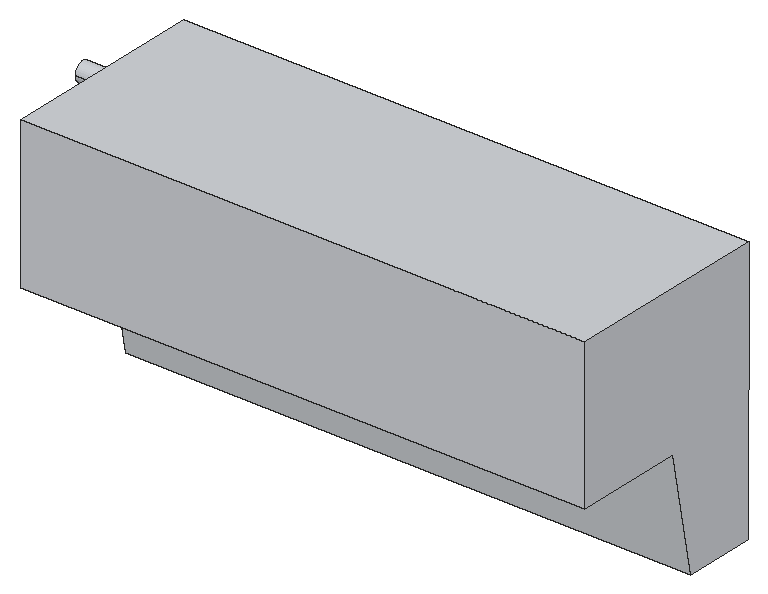
Revit family "3a1f0cda19584432b69f88b40740837f", category Mechanical Equipment, Revit 2021
Family settings
  Round Connector Dimension = Use Radius
  Part Type = Normal
  OmniClass Number = 23.75.70.21.17
  OmniClass Title = Air Curtains
  Seek Item ID = Air Curtain - Steam-Heated-0000-USA-ENU
  Work Plane-Based = No
  Always vertical = Yes
  Cut with Voids When Loaded = No
  Shared = No
  Room Calculation Point = No
Parameters (values of type "0-2670 CFM")
  Voltage = 208 V
  Pressure Drop [instance] = 5.00 psi
  Outside Outlet Radius = 1.2 * Outlet Radius  # 0' - 0.6"
  Outside Inlet Radius = 1.2 * Inlet Radius  # 0' - 0.6"
  Outlet Radius = 0.5 * Outlet Diameter  # 1/2"
  Outlet Diameter = 1"
  Number of Poles = 3
  Load Classification = Heating
  Inlet Radius = 0.5 * Inlet Diameter  # 1/2"
  Inlet Diameter = 1"
  Flow [instance] = 11 GPM
  Default Elevation = 0' - 0"
  Apparent Load = 209 VA
  Air Curtain Material = none
  Air Curtain Length = 3' - 0"
Types (4): name | Outside Outlet Radius | Outside Inlet Radius | Outlet Radius | Outlet Diameter | Inlet Radius | Inlet Diameter | Flow | Apparent Load | Air Curtain Length
  (no name) | 0' - 0.6" | 0' - 0.6" | 1/2" | 1" | 1/2" | 1" | 11 GPM | 209 VA | 3' - 0"
  0-2670 CFM | 0' - 0.6" | 0' - 0.6" | 1/2" | 1" | 1/2" | 1" | 11 GPM | 209 VA | 3' - 0"
  2671-4510 CFM | 0' - 1.2" | 0' - 1.2" | 1" | 2" | 1" | 2" | 15 GPM | 417 VA | 4' - 0"
  4511-5645 CFM | 0' - 1.2" | 0' - 1.2" | 1" | 2" | 1" | 2" | 19 GPM | 626 VA | 5' - 0"
Reference planes (in)
  plane 1 "Center (Front/Back)": y = 0
  plane 2: z = 0
  plane 3 "Center (Left/Right)": x = 0
  plane 4: x = 36
  plane 5: x = -4
  plane 6: z = 17
  plane 7: y = 13
  plane 8: z = 7.4375
  plane 9: y = 7
  plane 10: y = 8.4375
  plane 11: y = 10
  plane 12: z = 4
  plane 13: z = 14
  plane 14: z = 10.4375
  plane 15: y = 3
Forms (in)
  Extrusion 1, solid, material <- "Air Curtain Material"
    sketch origin (0, 0, 0) x (0, 1, 0) y (0, 0, 1)
      loop
        line (13, 17) -> (0, 17) -> (0, 7.4375) -> (7, 7.4375) -> (8.4375, 0) -> (13, 0) -> (13, 17)
    from 0 to 36
  Extrusion 2, solid, material <- "Air Curtain Material"
    sketch origin (0, 0, 0) x (0, 1, 0) y (0, 0, 1)
      loop
        circle (10, 14) r 0.6
    from -4 to 0
  Extrusion 3, solid, material <- "Air Curtain Material"
    sketch origin (0, 0, 0) x (0, 1, 0) y (0, 0, 1)
      loop
        circle (10, 4) r 0.6
    from -4 to 0
  Extrusion 4, solid, material <- "Air Curtain Material"
    sketch origin (0, 0, 0) x (0, 1, 0) y (0, 0, 1)
      loop
        circle (3, 10.4375) r 0.75
    from 0 to 0.76109
Cuts and joins
  joined: Extrusion 1, Extrusion 2, Extrusion 3, Extrusion 4
Lines and regions (in)
  model lines
    curve 1: line (0.8125, 0, 16.1875) -> (35.1875, 0, 16.1875)
    curve 2: line (0.8125, 0, 8.25) -> (0.8125, 0, 16.1875)
    curve 3: line (35.1875, 0, 8.25) -> (0.8125, 0, 8.25)
    curve 4: line (35.1875, 0, 16.1875) -> (35.1875, 0, 8.25)
    curve 5: line (0.8125, 0, 9.24219) -> (35.1875, 0, 9.24219)
    curve 6: line (0.8125, 0, 15.19531) -> (35.1875, 0, 15.19531)
    curve 7: line (0.8125, 0, 14.20313) -> (35.1875, 0, 14.20313)
    curve 8: line (0.8125, 0, 13.21094) -> (35.1875, 0, 13.21094)
    curve 9: line (0.8125, 0, 12.21875) -> (35.1875, 0, 12.21875)
    curve 10: line (0.8125, 0, 11.22656) -> (35.1875, 0, 11.22656)
    curve 11: line (0.8125, 0, 10.23438) -> (35.1875, 0, 10.23438)
Dimensions and locks (in)
  "Air Curtain Length": plane 3 "Center (Left/Right)" to plane 4
  locked: plane 5 to plane 3 "Center (Left/Right)" at 4
  locked: plane 2 to plane 6 at 17
  locked: plane 7 to plane 1 "Center (Front/Back)" at 13
  locked: plane 6 to plane 8 at 9.5625
  locked: plane 9 to plane 1 "Center (Front/Back)" at 7
  locked: plane 7 to plane 10 at 4.5625
  locked: plane 7 to plane 11 at 3
  locked: plane 2 to plane 12 at 4
  locked: plane 12 to plane 13 at 10
  locked: plane 14 to plane 8 at 3
  locked: plane 15 to plane 1 "Center (Front/Back)" at 3
  locked: Extrusion 4 to Extrusion 4 at 0.76109
  locked: curve 2 to plane 3 "Center (Left/Right)" at 0.8125
  locked: plane 6 to curve 1 at 0.8125
  locked: curve 4 to plane 4 at 0.8125
  locked: curve 3 to plane 8 at 0.8125
  equal spacing: curve 1, curve 6, curve 7, curve 8, curve 9, curve 10, curve 11, curve 5, curve 3
  "Outside Inlet Radius": radius of Extrusion 2 sketch curve
  "Outside Outlet Radius": radius of Extrusion 3 sketch curve
  radius of Extrusion 4 sketch curve = 0' - 0 3/4"
  aligned and locked: plane 2 to Extrusion 1 sketch curve
  aligned and locked: Extrusion 1 sketch curve to plane 7
  aligned and locked: plane 8 to Extrusion 1 sketch curve
  aligned and locked: plane 6 to Extrusion 1 sketch curve
  aligned and locked: Extrusion 1 sketch curve to plane 1 "Center (Front/Back)"
  aligned and locked: plane 9 to Extrusion 1 sketch curve
  aligned and locked: Extrusion 1 to plane 4
  aligned and locked: Extrusion 1 to plane 3 "Center (Left/Right)"
  aligned and locked: plane 13 to Extrusion 2 sketch curve
  aligned and locked: plane 11 to Extrusion 2 sketch curve
  aligned and locked: plane 11 to Extrusion 3 sketch curve
  aligned and locked: plane 12 to Extrusion 3 sketch curve
  aligned and locked: plane 14 to Extrusion 4 sketch curve
  aligned and locked: plane 15 to Extrusion 4 sketch curve
  aligned and locked: plane 5 to Extrusion 2
  aligned and locked: plane 3 "Center (Left/Right)" to Extrusion 2
  aligned and locked: plane 5 to Extrusion 3
  aligned and locked: plane 3 "Center (Left/Right)" to Extrusion 3
  aligned and locked: Extrusion 4 to plane 3 "Center (Left/Right)"
Automatic sketch dimensions
  Extrusion 1 sketch curve to plane 10 = 0' - 0"
Connectors (in)
  piping at (-4, 10, 4), diameter 1, driven by "Flow", driven by "Inlet Radius"
    settings: on cut or joined group of Extrusion 1, Extrusion 2, Extrusion 3, Extrusion 4, index 1, connector inside diameter 1", connector length 0' - 0", flow factor 0, pipe flow 11 GPM, pressure drop 0.00 psi, fitting loss kfactor 0, connector angle 0.00°, fixture units 0, engagement length 0' - 0", angle of deflection 0.00°, flow configuration 1, flow direction 1, fitting loss method 4, system type 7, joint type 0, gender type 0, connector reference index 2, connector utility 0, adjustable connector no, is connector primary yes, connector description "Steam/Water In"
  piping at (-4, 10, 14), diameter 1, driven by "Outlet Radius", driven by "Flow", driven by "Pressure Drop"
    settings: on cut or joined group of Extrusion 1, Extrusion 2, Extrusion 3, Extrusion 4, index 2, connector inside diameter 1", connector length 0' - 0", flow factor 0, pipe flow 11 GPM, pressure drop 5.00 psi, fitting loss kfactor 0, connector angle 0.00°, fixture units 0, engagement length 0' - 0", angle of deflection 0.00°, flow configuration 1, flow direction 2, fitting loss method 4, system type 22, joint type 0, gender type 0, connector reference index 1, connector utility 0, adjustable connector no, is connector primary no, connector description "Steam/Water Out"
  electrical at (0, 3, 10.4375), driven by "Apparent Load", driven by "Voltage", driven by "Number of Poles", driven by "Load Classification"
    settings: on Extrusion 4, index 3, voltage 208 V, apparent load 209 VA, apparent load phase1 0 VA, apparent load phase2 0 VA, apparent load phase3 0 VA, power factor 0.8, load classification "Heating", number of poles 3, system type 30, power factor state 1, is connector primary yes, connector utility no, sub classification motor no, connector description ""
